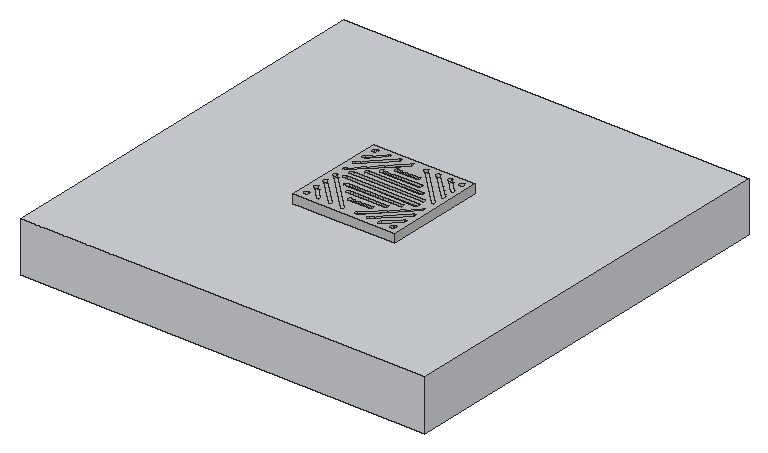
Revit family
Parameters (values of type "dBA Acoustical Panel")
  URL = "www.acousticalsurfaces.com"
  Type Comments = "Sound Blocking, Absorption and Sound Diffusion"
  Model = "dBA Acoustical Pannal for"
  Manufacturer = "Acoustical Surfaces 1-800-8642984"
  Description = "Acoustical wall Baffle"
  Default Elevation = 4' - 0"
  Dba Acoustical Panel = PEPP Panel
Reference planes (in)
  plane 1 "Center (Front/Back)": y = 0
  plane 2: z = 0
  plane 3 "Center (Left/Right)": x = 0
Forms (in)
  Extrusion 1, solid
    sketch origin (0, 0, 0) x (1, 0, 0) y (0, 1, 0)
      loop
        line (-48, 48) -> (-48, -48) -> (48, -48) -> (48, 48) -> (-48, 48)
    from 0 to -12
  Extrusion 2, solid, material "PEPP Panel White"
    sketch origin (0, 0, 0) x (1, 0, 0) y (0, 1, 0)
      loop
        line (-12, 12) -> (-12, -12) -> (12, -12) -> (12, 12) -> (-12, 12)
    from 0 to 2
  Extrusion 3, void
    sketch origin (0, 0, 0) x (1, 0, 0) y (0, 1, 0)
      loop
        line (-6.5, 2.5) -> (6.5, 2.5)
        arc (6.5, 2.5) -> (7, 3) -> (6.5, 3.5) r 0.5
        line (6.5, 3.5) -> (-6.5, 3.5)
        arc (-6.5, 3.5) -> (-7, 3) -> (-6.5, 2.5) r 0.5
      loop
        arc (8.5, 0.5) -> (9, 1) -> (8.5, 1.5) r 0.5
        line (8.5, 1.5) -> (-8.5, 1.5)
        arc (-8.5, 1.5) -> (-9, 1) -> (-8.5, 0.5) r 0.5
        line (-8.5, 0.5) -> (8.5, 0.5)
      loop
        line (-4.5, 4.5) -> (4.5, 4.5)
        arc (4.5, 4.5) -> (5, 5) -> (4.5, 5.5) r 0.5
        line (4.5, 5.5) -> (-4.5, 5.5)
        arc (-4.5, 5.5) -> (-5, 5) -> (-4.5, 4.5) r 0.5
      loop
        line (-2.5, 6.5) -> (2.5, 6.5)
        arc (2.5, 6.5) -> (3, 7) -> (2.5, 7.5) r 0.5
        line (2.5, 7.5) -> (-2.5, 7.5)
        arc (-2.5, 7.5) -> (-3, 7) -> (-2.5, 6.5) r 0.5
      loop
        arc (-1.3934, 9.89949) -> (-1.3934, 10.6066) -> (-2.10051, 10.6066) r 0.5
        line (-2.10051, 10.6066) -> (-10.76256, 1.94454)
        arc (-10.76256, 1.94454) -> (-10.76256, 1.23744) -> (-10.05546, 1.23744) r 0.5
        line (-10.05546, 1.23744) -> (-1.3934, 9.89949)
      loop
        arc (-4.22183, 9.89949) -> (-4.22183, 10.6066) -> (-4.92893, 10.6066) r 0.5
        line (-4.92893, 10.6066) -> (-10.76256, 4.77297)
        arc (-10.76256, 4.77297) -> (-10.76256, 4.06586) -> (-10.05546, 4.06586) r 0.5
        line (-10.05546, 4.06586) -> (-4.22183, 9.89949)
      loop
        arc (-7.05025, 9.89949) -> (-7.05025, 10.6066) -> (-7.75736, 10.6066) r 0.5
        line (-7.75736, 10.6066) -> (-10.76256, 7.6014)
        arc (-10.76256, 7.6014) -> (-10.76256, 6.89429) -> (-10.05546, 6.89429) r 0.5
        line (-10.05546, 6.89429) -> (-7.05025, 9.89949)
      loop
        arc (-9.87868, 9.89949) -> (-9.87868, 10.6066) -> (-10.58579, 10.6066) r 0.5
        line (-10.58579, 10.6066) -> (-10.76256, 10.42983)
        arc (-10.76256, 10.42983) -> (-10.76256, 9.72272) -> (-10.05546, 9.72272) r 0.5
        line (-10.05546, 9.72272) -> (-9.87868, 9.89949)
      loop
        arc (-6.5, -2.5) -> (-7, -3) -> (-6.5, -3.5) r 0.5
        line (-6.5, -3.5) -> (6.5, -3.5)
        arc (6.5, -3.5) -> (7, -3) -> (6.5, -2.5) r 0.5
        line (6.5, -2.5) -> (-6.5, -2.5)
      loop
        line (8.5, -0.5) -> (-8.5, -0.5)
        arc (-8.5, -0.5) -> (-9, -1) -> (-8.5, -1.5) r 0.5
        line (-8.5, -1.5) -> (8.5, -1.5)
        arc (8.5, -1.5) -> (9, -1) -> (8.5, -0.5) r 0.5
      loop
        arc (-4.5, -4.5) -> (-5, -5) -> (-4.5, -5.5) r 0.5
        line (-4.5, -5.5) -> (4.5, -5.5)
        arc (4.5, -5.5) -> (5, -5) -> (4.5, -4.5) r 0.5
        line (4.5, -4.5) -> (-4.5, -4.5)
      loop
        arc (-2.5, -6.5) -> (-3, -7) -> (-2.5, -7.5) r 0.5
        line (-2.5, -7.5) -> (2.5, -7.5)
        arc (2.5, -7.5) -> (3, -7) -> (2.5, -6.5) r 0.5
        line (2.5, -6.5) -> (-2.5, -6.5)
      loop
        line (-1.3934, -9.89949) -> (-10.05546, -1.23744)
        arc (-10.05546, -1.23744) -> (-10.76256, -1.23744) -> (-10.76256, -1.94454) r 0.5
        line (-10.76256, -1.94454) -> (-2.10051, -10.6066)
        arc (-2.10051, -10.6066) -> (-1.3934, -10.6066) -> (-1.3934, -9.89949) r 0.5
      loop
        line (-4.22183, -9.89949) -> (-10.05546, -4.06586)
        arc (-10.05546, -4.06586) -> (-10.76256, -4.06586) -> (-10.76256, -4.77297) r 0.5
        line (-10.76256, -4.77297) -> (-4.92893, -10.6066)
        arc (-4.92893, -10.6066) -> (-4.22183, -10.6066) -> (-4.22183, -9.89949) r 0.5
      loop
        line (-7.05025, -9.89949) -> (-10.05546, -6.89429)
        arc (-10.05546, -6.89429) -> (-10.76256, -6.89429) -> (-10.76256, -7.6014) r 0.5
        line (-10.76256, -7.6014) -> (-7.75736, -10.6066)
        arc (-7.75736, -10.6066) -> (-7.05025, -10.6066) -> (-7.05025, -9.89949) r 0.5
      loop
        line (-9.87868, -9.89949) -> (-10.05546, -9.72272)
        arc (-10.05546, -9.72272) -> (-10.76256, -9.72272) -> (-10.76256, -10.42983) r 0.5
        line (-10.76256, -10.42983) -> (-10.58579, -10.6066)
        arc (-10.58579, -10.6066) -> (-9.87868, -10.6066) -> (-9.87868, -9.89949) r 0.5
      loop
        line (1.3934, 9.89949) -> (10.05546, 1.23744)
        arc (10.05546, 1.23744) -> (10.76256, 1.23744) -> (10.76256, 1.94454) r 0.5
        line (10.76256, 1.94454) -> (2.10051, 10.6066)
        arc (2.10051, 10.6066) -> (1.3934, 10.6066) -> (1.3934, 9.89949) r 0.5
      loop
        line (4.22183, 9.89949) -> (10.05546, 4.06586)
        arc (10.05546, 4.06586) -> (10.76256, 4.06586) -> (10.76256, 4.77297) r 0.5
        line (10.76256, 4.77297) -> (4.92893, 10.6066)
        arc (4.92893, 10.6066) -> (4.22183, 10.6066) -> (4.22183, 9.89949) r 0.5
      loop
        line (7.05025, 9.89949) -> (10.05546, 6.89429)
        arc (10.05546, 6.89429) -> (10.76256, 6.89429) -> (10.76256, 7.6014) r 0.5
        line (10.76256, 7.6014) -> (7.75736, 10.6066)
        arc (7.75736, 10.6066) -> (7.05025, 10.6066) -> (7.05025, 9.89949) r 0.5
      loop
        line (9.87868, 9.89949) -> (10.05546, 9.72272)
        arc (10.05546, 9.72272) -> (10.76256, 9.72272) -> (10.76256, 10.42983) r 0.5
        line (10.76256, 10.42983) -> (10.58579, 10.6066)
        arc (10.58579, 10.6066) -> (9.87868, 10.6066) -> (9.87868, 9.89949) r 0.5
      loop
        arc (1.3934, -9.89949) -> (1.3934, -10.6066) -> (2.10051, -10.6066) r 0.5
        line (2.10051, -10.6066) -> (10.76256, -1.94454)
        arc (10.76256, -1.94454) -> (10.76256, -1.23744) -> (10.05546, -1.23744) r 0.5
        line (10.05546, -1.23744) -> (1.3934, -9.89949)
      loop
        arc (4.22183, -9.89949) -> (4.22183, -10.6066) -> (4.92893, -10.6066) r 0.5
        line (4.92893, -10.6066) -> (10.76256, -4.77297)
        arc (10.76256, -4.77297) -> (10.76256, -4.06586) -> (10.05546, -4.06586) r 0.5
        line (10.05546, -4.06586) -> (4.22183, -9.89949)
      loop
        arc (7.05025, -9.89949) -> (7.05025, -10.6066) -> (7.75736, -10.6066) r 0.5
        line (7.75736, -10.6066) -> (10.76256, -7.6014)
        arc (10.76256, -7.6014) -> (10.76256, -6.89429) -> (10.05546, -6.89429) r 0.5
        line (10.05546, -6.89429) -> (7.05025, -9.89949)
      loop
        arc (9.87868, -9.89949) -> (9.87868, -10.6066) -> (10.58579, -10.6066) r 0.5
        line (10.58579, -10.6066) -> (10.76256, -10.42983)
        arc (10.76256, -10.42983) -> (10.76256, -9.72272) -> (10.05546, -9.72272) r 0.5
        line (10.05546, -9.72272) -> (9.87868, -9.89949)
    from 1.51681 to 2.75
Cuts and joins
  Extrusion 3 cuts Extrusion 2
Dimensions and locks (in)
  aligned and locked: plane 2 to Extrusion 1
  aligned and locked: level to Extrusion 1
